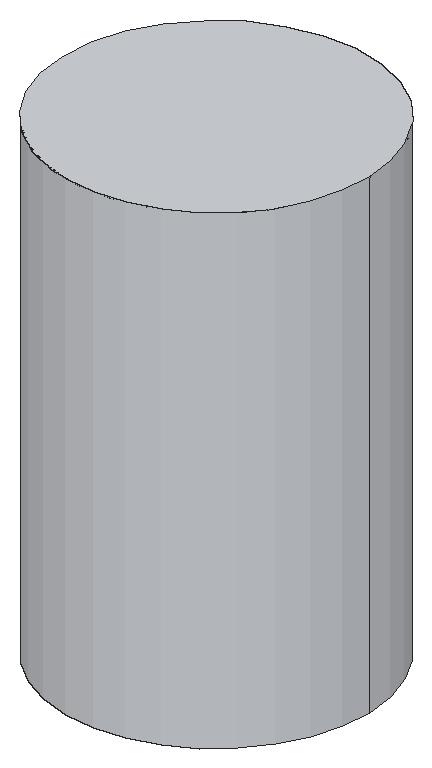
Revit family "SG0079223061CW", category Aparatos sanitarios, Revit 2019
Family settings
  Cota de conector redondo = Diámetro de uso
  Tipo de pieza = Normal
  Número OmniClass = 23.45.00.00
  Título OmniClass = Sanitary, Laundry, and Cleaning Equipment
  Se basa en plano de trabajo = No
  Siempre vertical = Sí
  Corte con vacíos al cargar = No
  Compartido = No
  Punto de cálculo de habitación = No
Parameters (values of type "Briggs sense fluxómetro para urinario")
  _BRIGGS_Tipo de instalación = "Entrada superior de urinario"
  _BRIGGS_TIPO = "Simple"
  _BRIGGS_SKU = "JSSI12731301CB"
  _BRIGGS_Revisado = "calidad.planos@edesa.com.ec"
  _BRIGGS_Profundidad (cm) = "9.30"
  _BRIGGS_Productos necesarios para la instalación = "Grifería, Desagüe 1 1/4\", Sifón 1 1/4\", Silicón"
  _BRIGGS_Productos incluidos = "4 Pilas alcalinas AAA Kit tubería de instalación"
  _BRIGGS_BIM Manager = "Ing. Edwin Cahuatijo"
  _BRIGGS_Autor BIM = "http://www1.veraquintana.net/_sitevq/"
  Uniformat II Description = ""
  Productos incluidos = ""
  _BRIGGS_Peso (Kg) = "35.80"
  _BRIGGS_Nombre = "BRIGGS SENSE FLUXÓMETRO PARA URINARIO"
  _BRIGGS_Materiales = "Latón"
  _BRIGGS_Marca = "Briggs"
  _BRIGGS_Manual de instalación = "https://www.briggs.com.ec/productos/instructivos/Briggs/Sanitarios/Sanitarios_Two_Piece.pdf"
  _BRIGGS_Garantía = "De por vida para el cuerpo principal y acabado en cromo (306)"
  _BRIGGS_Ficha_Tecnica = "https://www.briggs.com.ec/productos/fichastecnicaspdf/Briggs/Institucional/Briggs_sense_Fluxometro_urinario.pdf"
  _BRIGGS_Distancia de instalación = "30.50"
  _BRIGGS_Descripcion = "Fluxómetro con sensor para urinario de entrada superior, de gran duración y cierre hermético, resistentes para lugares de alto tráfico."
  _BRIGGS_Cumple normativa ADA = ""
  _BRIGGS_Contacto_comercial = "(02) 395 2900"
  _BRIGGS_Consumo/Capacidad = "1.00 litro por descarga"
  _BRIGGS_Consumo de agua litros por minuto = ""
  _BRIGGS_Conexión hidráulica = "Entrada de agua: tubería ø 1/2\" Salida de agua: tubería PVC 50"
  _BRIGGS_Colores/Acabado = "Cromo"
  _BRIGGS_Certificación = "Cumple con norma ASSE 1037 (Pressurized Flushing Devices - Flushometers - for Plumbing Fixtures)"
  _BRIGGS_Categoria = "Productos > Grifería > Institucional"
  _BRIGGS_Ancho (cm) = "4.60"
  _BRIGGS_Alto (cm) = "26.80"
  Omniclass Code = "23.45.05.00"
  Diámetro agua fría = 12.7 mm
Reference planes
  plane 1 "Center (Front/Back)": y = 0
  plane 2: z = 0
  plane 3 "Center (Left/Right)": x = 0
Forms (mm)
  Extrusion 1, solid
    sketch origin (36.922, 118.168, 1533.45) x (0, -1, 0) y (1, 0, 0)
      loop
        circle (-0.057, 0.163) r 8
    from 0 to -25
Dimensions and locks
  aligned and locked: level to plane 2
Connectors
  piping at (37.085, 118.225, 1533.45), diameter 12.7, driven by "Diámetro agua fría"
    settings: on Extrusion 1, index 1, connector inside diameter 609.6 mm, connector length 0 mm, flow factor 0, pipe flow 0.0 L/s, pressure drop 0.0 Pa, fitting loss kfactor 0, connector angle 0.00°, fixture units 0, engagement length 0 mm, angle of deflection 0.00°, flow configuration 0, flow direction 0, fitting loss method 0, system type 20, joint type 0, gender type 0, connector reference index -1, connector utility 0, adjustable connector no, is connector primary yes, connector description ""
